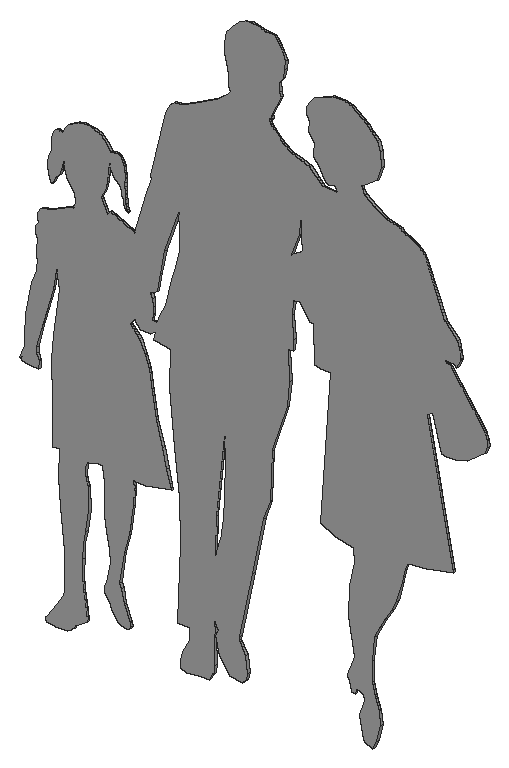
Revit family
Parameters (values of type "People_03_Multiple_views")
  built-in parameter 1005198 = (empty or 0)
  built-in parameter 1005195 = "d:\\byoh\\M25_HOL1_Santa.rpc"
  Assembly Code = ""
Reference planes (in)
  plane 1 "Center (Front/Back)": y = 0
  plane 2: z = 0
  plane 3 "Center (Left/Right)": x = 0
Forms (in)
  Extrusion 1, solid, material "Entourage-Figure"
    sketch origin (-9.5321, 0, -2.75672) x (1, 0, 0) y (0, 0, 1)
      loop
        line (-2.4099, 50.51837) -> (-2.15898, 52.59347) -> (-2.09712, 52.30113) -> (-2.02543, 52.10199) -> (-1.97597, 51.90283) -> (-1.81848, 51.62553) -> (-1.61575, 51.38234) -> (-1.37574, 51.09238) -> (-1.10715, 50.75699) -> (-0.88578, 50.49041) -> (-0.75033, 50.0694) -> (-0.67716, 49.76398) -> (-0.54711, 49.2788) -> (-0.49566, 48.97671) -> (-0.32927, 48.61252) -> (-0.23714, 48.43077) -> (0.06548, 48.17226) -> (0.03614, 48.24175) -> (-0.11065, 48.47294) -> (-0.1833, 48.7817) -> (-0.22354, 49.04102) -> (-0.22309, 49.42066) -> (-0.27433, 49.63719) -> (-0.25959, 49.99412) -> (-0.29008, 50.31694) -> (-0.33813, 50.78612) -> (-0.35939, 51.1691) -> (-0.30396, 51.64636) -> (-0.26262, 52.06078) -> (-0.36513, 52.43569) -> (-0.40503, 52.84205) -> (-0.47769, 53.15082) -> (-0.62447, 53.382) -> (-0.75211, 53.59315) -> (-0.96765, 53.75278) -> (-1.2297, 53.89903) -> (-1.50638, 53.92094) -> (-1.98902, 53.82803)
        arc (-1.98902, 53.82803) -> (-4.4743, 55.63328) -> (-7.30614, 54.44323) r 3.12924
        line (-7.30614, 54.44323) -> (-7.63574, 53.79468)
        arc (-7.63574, 53.79468) -> (-8.15824, 53.94593) -> (-8.59765, 53.6253) r 0.61753
        arc (-8.59765, 53.6253) -> (-8.86968, 52.83864) -> (-8.87586, 52.00631) r 2.56835
        arc (-8.87586, 52.00631) -> (-8.87535, 51.68386) -> (-8.97248, 51.37639) r 1.05259
        arc (-8.97248, 51.37639) -> (-9.30799, 50.25304) -> (-9.25079, 49.08206) r 3.47449
        line (-9.25079, 49.08206) -> (-8.96426, 48.27497)
        arc (-8.96426, 48.27497) -> (-8.809, 48.16808) -> (-8.659, 48.28224) r 0.1607
        line (-8.659, 48.28224) -> (-8.61874, 48.41541) -> (-8.28574, 48.96466)
        arc (-8.28574, 48.96466) -> (-7.92818, 49.38957) -> (-7.73099, 49.90871) r 1.65784
        arc (-7.73099, 49.90871) -> (-7.61878, 50.40071) -> (-7.47773, 50.88522) r 8.54578
        arc (-7.47773, 50.88522) -> (-7.12489, 49.42498) -> (-6.28763, 48.17768) r 4.26482
        arc (-6.28763, 48.17768) -> (-6.22868, 48.11981) -> (-6.16665, 48.06526) r 1.50613
        line (-6.16665, 48.06526) -> (-6.03795, 47.12021) -> (-6.26281, 46.4369) -> (-6.42079, 46.54585) -> (-9.02468, 45.32673) -> (-9.2512, 45.19845)
        arc (-9.2512, 45.19845) -> (-10.3476, 44.75558) -> (-10.40245, 43.57438) r 1.0952
        arc (-10.40245, 43.57438) -> (-10.78632, 42.68586) -> (-10.54651, 41.74813) r 1.49746
        line (-10.54651, 41.74813) -> (-10.62326, 40.52602) -> (-10.67403, 39.71744)
        arc (-10.67403, 39.71744) -> (-10.5753, 39.77015) -> (-10.47353, 39.81675) r 1.8369
        line (-10.47353, 39.81675) -> (-10.68534, 38.38217) -> (-11.272, 36.88615) -> (-11.95373, 33.4541) -> (-12.02667, 31.12237) -> (-11.97653, 29.9683) -> (-12.327, 29.30308) -> (-12.33857, 28.8188) -> (-12.53448, 28.94385) -> (-12.57022, 28.70346) -> (-12.3081, 28.41292) -> (-11.93, 28.26211) -> (-11.00742, 28.19839) -> (-10.34795, 28.22704) -> (-10.30933, 29.09209) -> (-10.59307, 29.81092) -> (-10.58892, 30.44545) -> (-9.85349, 33.26731) -> (-8.67468, 37.09991) -> (-8.32148, 39.31238) -> (-7.98133, 37.26843)
        arc (-7.98133, 37.26843) -> (-8.41372, 34.84191) -> (-8.70546, 32.39449) r 42.72125
        line (-8.70546, 32.39449) -> (-8.89587, 29.74213) -> (-8.74976, 25.62067) -> (-8.71137, 22.67014) -> (-8.72436, 20.68414) -> (-7.99897, 20.71236) -> (-8.01826, 17.7622) -> (-7.91324, 16.17924) -> (-7.80768, 14.67868) -> (-7.62446, 12.45241) -> (-7.35037, 10.25851) -> (-7.33137, 8.12396) -> (-7.3408, 6.68185)
        arc (-7.3408, 6.68185) -> (-7.35885, 5.99015) -> (-7.63791, 5.35699) r 1.78986
        line (-7.63791, 5.35699) -> (-8.19553, 4.52005) -> (-9.49732, 2.6714)
        arc (-9.49732, 2.6714) -> (-9.55451, 2.41533) -> (-9.4134, 2.19413) r 0.34191
        line (-9.4134, 2.19413) -> (-8.79963, 2.05279) -> (-8.36073, 2.00692) -> (-7.70139, 2.01731) -> (-7.02249, 2.07785) -> (-6.56487, 2.29936) -> (-6.23921, 2.60546) -> (-6.08559, 2.9165) -> (-5.792, 3.15888) -> (-5.41003, 3.32335) -> (-4.71863, 3.82521) -> (-4.85337, 4.88095)
        arc (-4.85337, 4.88095) -> (-5.04038, 5.96552) -> (-5.17159, 7.05824) r 21.47897
        arc (-5.17159, 7.05824) -> (-5.29154, 8.64855) -> (-5.24052, 10.24257) r 14.8727
        arc (-5.24052, 10.24257) -> (-5.16925, 11.6978) -> (-4.8876, 13.12729) r 10.01511
        arc (-4.8876, 13.12729) -> (-4.51978, 15.51864) -> (-4.61219, 17.93636) r 12.69856
        arc (-4.61219, 17.93636) -> (-4.91578, 19.18224) -> (-4.71727, 20.44912) r 3.27218
        line (-4.71727, 20.44912) -> (-3.6723, 20.7335) -> (-2.90384, 20.71235) -> (-2.67766, 19.08704) -> (-2.65489, 17.52934) -> (-2.66718, 15.65047) -> (-2.48034, 13.97632) -> (-2.11238, 12.27626) -> (-2.06375, 10.89146) -> (-2.18628, 9.7962) -> (-2.51522, 8.64461) -> (-2.70555, 8.24361)
        arc (-2.70555, 8.24361) -> (-2.73454, 8.14941) -> (-2.73546, 8.05085) r 0.34192
        line (-2.73546, 8.05085) -> (-2.67224, 7.58667)
        arc (-2.67224, 7.58667) -> (-2.65586, 7.51897) -> (-2.6261, 7.45599) r 0.34193
        line (-2.6261, 7.45599) -> (-2.06104, 6.52073) -> (-1.95599, 6.40683) -> (-1.78207, 5.8874) -> (-1.70319, 5.69813) -> (-1.57511, 5.50132) -> (-1.43056, 5.35319) -> (-1.29501, 5.20506) -> (-1.06975, 5.03209) -> (-0.72707, 4.82727) -> (-0.50775, 4.75626) -> (-0.3216, 4.71524) -> (-0.11941, 4.69669) -> (0.10275, 4.72628) -> (0.24123, 4.84345) -> (0.3418, 5.03011) -> (0.32097, 5.52744) -> (-0.36958, 7.2547) -> (-0.6837, 8.64759) -> (-0.903, 9.24709) -> (-0.38037, 12.56368) -> (0.18029, 14.59417) -> (0.67709, 17.82501) -> (0.73105, 19.62104) -> (0.71593, 20.48098) -> (2.09449, 20.44031) -> (5.09786, 20.99754) -> (4.53438, 23.045) -> (4.08595, 25.04226) -> (3.35341, 27.70065) -> (2.87708, 30.47275) -> (2.52118, 32.75784) -> (2.06854, 34.11232) -> (1.40994, 35.4764) -> (0.28371, 36.65973) -> (0.81469, 37.27997) -> (1.53545, 36.45971) -> (2.70794, 36.48523) -> (3.22265, 36.88445) -> (2.99198, 35.99115) -> (4.22609, 35.79223) -> (5.00724, 35.66262) -> (4.82633, 31.71372) -> (5.40035, 25.51811) -> (5.99175, 20.502) -> (6.09502, 15.7619) -> (5.82967, 7.44363) -> (7.15835, 7.34497) -> (7.17024, 5.99684) -> (6.35199, 4.58781) -> (6.12256, 3.52585) -> (6.11717, 2.76406) -> (6.78792, 2.51693) -> (8.29499, 2.73465) -> (9.5321, 2.75672) -> (9.89602, 3.53318) -> (10.05917, 3.54365) -> (10.15075, 4.44984) -> (10.11342, 7.62073) -> (10.27789, 7.93781) -> (10.10753, 9.08937) -> (10.56844, 8.2672) -> (10.17993, 7.64994) -> (10.68721, 5.70562) -> (11.85171, 3.98879) -> (13.42283, 3.81301) -> (13.80074, 4.21704) -> (14.00104, 4.97377) -> (13.76448, 6.75593) -> (12.98709, 8.12822) -> (13.06975, 8.4819) -> (14.58106, 15.59972) -> (15.86615, 21.81341) -> (16.63327, 23.87552) -> (16.83739, 29.28338) -> (18.62562, 34.49622) -> (18.88784, 37.15035) -> (18.74665, 40.4751) -> (19.26833, 40.50025) -> (19.36122, 41.71305) -> (19.19679, 44.29085) -> (19.36299, 45.72373) -> (19.95823, 45.86534) -> (21.00747, 44.44699) -> (21.22491, 44.24101) -> (21.66594, 44.233) -> (21.71002, 39.89081) -> (22.43506, 39.7979) -> (23.66871, 39.75043) -> (22.41425, 23.69929) -> (24.24347, 22.8276) -> (26.32242, 22.39885) -> (26.45833, 20.92838) -> (25.83759, 18.25956) -> (25.66541, 15.08052) -> (26.47319, 11.13523) -> (26.04939, 10.09876) -> (25.72184, 9.39948) -> (25.66194, 8.8495) -> (25.80317, 8.41963) -> (25.97039, 7.85835) -> (26.07595, 7.36519) -> (26.52536, 7.24525) -> (26.67937, 7.72548) -> (26.84552, 7.7962) -> (27.13108, 7.65188) -> (27.41741, 7.48541) -> (27.60009, 6.89901) -> (27.0278, 5.20358) -> (27.19517, 3.99176) -> (27.43227, 2.87405) -> (27.57884, 2.60927) -> (28.57175, 2.29964) -> (29.00908, 3.18589) -> (29.47102, 4.99833) -> (29.33604, 6.48733) -> (28.84744, 7.7802) -> (28.50899, 9.19569) -> (28.48833, 11.39459) -> (28.8022, 14.05235) -> (29.48101, 15.28091) -> (30.08589, 16.32419) -> (30.87752, 17.57191) -> (31.33872, 18.62234) -> (31.9992, 20.78269) -> (32.09639, 21.42838) -> (32.36874, 22.32558) -> (32.70489, 22.98184) -> (34.85643, 23.29372) -> (37.94515, 23.92061) -> (34.89449, 39.35106) -> (35.51714, 39.72432) -> (36.52296, 35.86365) -> (37.11838, 35.68996) -> (38.1462, 35.80144) -> (39.59576, 36.17072) -> (41.68887, 37.70681) -> (41.95245, 38.42786) -> (41.92147, 39.11246) -> (41.51083, 40.01113) -> (37.59966, 45.35896) -> (37.08927, 45.5107) -> (37.07482, 45.73197) -> (37.93476, 45.68661) -> (38.34973, 45.43005) -> (38.89699, 46.43781) -> (38.79234, 46.58224) -> (38.72104, 47.12747) -> (38.63563, 47.62834) -> (38.45176, 48.33054) -> (37.14061, 49.73107) -> (36.92617, 49.82718) -> (34.75865, 55.3095) -> (34.41804, 56.0281) -> (33.71615, 56.58346) -> (33.05024, 56.92794) -> (31.91869, 57.43964) -> (31.88595, 57.71542) -> (31.31905, 57.80869) -> (30.16045, 58.16569) -> (28.77165, 58.9301) -> (27.64249, 59.74813) -> (27.31304, 60.31749) -> (27.29443, 60.59721) -> (27.89785, 60.9575) -> (29.06317, 61.77771) -> (29.60792, 63.29329) -> (29.4933, 64.91139) -> (29.14011, 65.9373) -> (28.37192, 66.56102) -> (27.86887, 67.19013) -> (26.20342, 68.45793) -> (25.30461, 68.69782) -> (23.90296, 68.63749) -> (23.25637, 68.36465) -> (22.7191, 68.14539) -> (21.81191, 67.78243) -> (21.17507, 67.06586) -> (20.8163, 66.51854) -> (20.77007, 65.80202) -> (21.18371, 65.10127) -> (21.02834, 64.09673) -> (21.70438, 63.02222) -> (21.59496, 62.13086) -> (21.60733, 61.72599) -> (21.87835, 61.28965) -> (22.22142, 60.99377) -> (22.95407, 59.65624) -> (23.13837, 59.43796) -> (23.44106, 59.35784) -> (23.68995, 59.41051) -> (24.12052, 59.56565) -> (24.45419, 58.80093) -> (22.73615, 58.91897) -> (21.20275, 60.41253) -> (20.16277, 60.8035) -> (19.09198, 61.1356) -> (18.16064, 61.74885) -> (17.27538, 62.54103) -> (16.611, 63.28969) -> (16.50475, 63.76894) -> (16.81298, 63.80006) -> (16.79276, 64.04734) -> (16.70786, 64.16847) -> (17.85947, 66.43375) -> (17.72792, 67.0583) -> (17.64105, 67.92691) -> (18.09423, 68.5363) -> (18.32136, 69.55191) -> (18.41756, 70.45787) -> (18.00692, 71.35653) -> (17.50961, 72.19445) -> (17.11204, 72.70214) -> (16.07283, 72.73528) -> (15.36709, 72.93304) -> (14.46505, 73.10805) -> (13.67757, 72.97067) -> (13.04241, 72.62591) -> (12.34033, 71.96385) -> (12.10098, 71.72949) -> (11.50319, 71.10871) -> (11.28051, 69.90237) -> (11.32686, 68.87315) -> (11.48537, 67.85693) -> (11.57057, 67.23468) -> (11.74264, 66.77074) -> (11.76329, 65.59875) -> (12.02532, 64.98164) -> (11.76906, 64.68772) -> (10.58568, 63.78476) -> (8.66279, 62.77457) -> (6.50954, 61.71079) -> (5.47942, 61.55296) -> (4.98725, 61.18714) -> (4.70668, 60.77826) -> (4.38237, 60.14386) -> (2.69261, 52.98846) -> (2.77541, 52.6916) -> (2.02151, 50.61489) -> (0.79502, 46.35089) -> (-0.48245, 46.94404) -> (-2.01123, 47.55632) -> (-2.35374, 47.27854) -> (-3.08924, 48.77392)
        arc (-3.08924, 48.77392) -> (-2.60602, 49.59024) -> (-2.4099, 50.51837) r 2.92082
      loop
        line (2.98718, 39.34693) -> (2.95788, 38.58692) -> (2.87457, 37.96248) -> (3.45275, 37.77554) -> (3.62894, 38.45784) -> (4.42339, 39.98833) -> (5.05345, 42.91313) -> (5.61282, 44.34899) -> (5.98622, 46.24948) -> (6.01607, 48.52951) -> (5.95681, 50.25519) -> (4.33414, 45.73229) -> (3.79451, 43.1059) -> (3.4714, 41.18897) -> (2.68862, 40.77256) -> (2.93372, 40.18882) -> (2.98718, 39.34693)
      loop
        line (19.10334, 50.50444) -> (20.3783, 51.28002) -> (20.15657, 54.38233) -> (20.01289, 52.87378) -> (19.10334, 50.50444)
      loop
        line (10.22926, 16.02832) -> (10.89066, 18.28797) -> (11.05099, 19.54853) -> (11.13687, 19.9671) -> (11.22648, 22.42073) -> (11.35124, 26.23408) -> (11.24787, 28.77052) -> (10.30227, 20.18986) -> (10.22926, 16.02832)
    from -0.09766 to 0.09766
